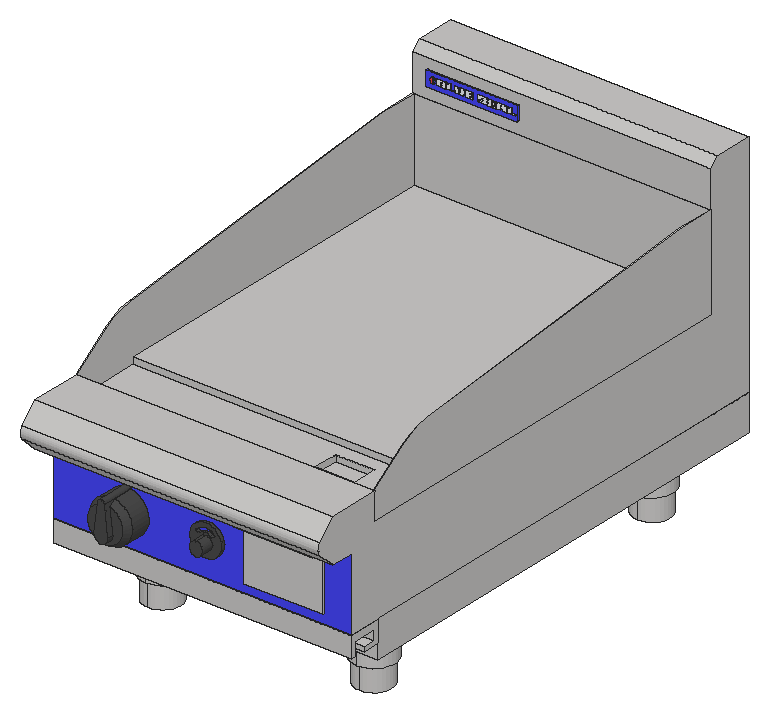
Revit family "QF_MOFFAT_BLUESEAL_CE_GP513-B", category Specialty Equipment, Revit 2012
Parameters
  Width = 450 mm
  Weight in Pounds = 169  # constant formula
  URL Cutsheet = "www.moffat.com"
  URL = "www.moffat.com"
  Type Mark [instance] = ""
  Status [instance] = ""
  Specification by User [instance] = ""
  Specification by Manufacturer = ""
  Show Logo [instance] = yes
  Serial Number = ""
  Seismic Rating = ""
  SMACNA No = ""
  Revision Code [instance] = ""
  Omniclass Number and Title = ""
  NAFEM Spec ID Number = ""
  Model = "GP513-B"
  Mechanical Remarks = ""
  Mechanical Connection Type = ""
  Masterspec = ""
  Manufacturer = "MOFFAT BLUESEAL"
  Keynote = ""
  Item Number [instance] = ""
  Installed By [instance] = ""
  Identify Quantity as Lot [instance] = yes
  Gas Size = 3/4"
  Gas RI Height [instance] = 0 mm
  Gas KW = 11.5
  Gas Input = 39250.0 Btu/h
  Gas Connection Height = 0 mm
  Furnished By [instance] = ""
  Foodservice Equipment Identifier [instance] = yes
  Description = "450MM GAS GRIDDLE PLATE BENCH MOUNT"
  Depth = 812 mm
  CSI MasterFormat = ""
  CSI Master Format = ""
  Base Height [instance] = 85 mm  # constant formula
Reference planes
  plane 1 "BACK": y = 0
  plane 2: z = 0
  plane 3 "LEFT": x = 0
  plane 4 "RIGHT": x = 450
  plane 5 "FRONT": y = -812
  plane 6 "TOP": z = 370
  plane 7 "Center Y": x = 225
  plane 8 "Center X": y = -406
  plane 9 "Base Height": z = 85
  plane 10: z = 110
  plane 11: y = -31
  plane 12: z = 485
  plane 13: y = -100
  plane 14: y = -625
Forms (mm)
  Extrusion 1, solid, material "QF_Finishes_Stainless Steel"
    sketch origin (0, 0, 0) x (0, 1, 0) y (0, 0, 1)
      loop
        line (-749, 250) -> (-749, 140) -> (0, 140) -> (0, 485) -> (-57.5, 485) -> (-70, 472.5) -> (-70, 275) -> (-705, 275) -> (-705, 315) -> (-783.97, 315) -> (-808.485, 290.485)
        arc (-808.485, 290.485) -> (-811.999, 282) -> (-808.485, 273.515) r 12
        line (-808.485, 273.515) -> (-784.97, 250) -> (-749, 250)
      loop
        line (0, 85) -> (0, 139.206) -> (-699, 139.206) -> (-699, 85) -> (0, 85)
      loop
        line (-749, 139.206) -> (-749, 107.019) -> (-742.6, 107.019) -> (-742.6, 127.806) -> (-706.181, 127.806) -> (-706.181, 113.419) -> (-724.781, 113.419) -> (-724.781, 107.019) -> (-699.806, 107.019) -> (-699.806, 139.206) -> (-749, 139.206)
    from 0 to 450
  Revolve 2, solid, material "QF_Finishes_Stainless Steel"
    sketch origin (65.5, -728, 0) x (0, 1, 0) y (0, 0, 1)
      loop
        line (71.25, 85) -> (71.25, 35) -> (75.5, 35) -> (75.5, 0) -> (103, 0) -> (103, 85) -> (71.25, 85)
      axis (103, 85) -> (103, 0)
    angle from 0 to 360
  Revolve 3, solid, material "QF_Finishes_Stainless Steel"
    sketch origin (65.5, -211, 0) x (0, 1, 0) y (0, 0, 1)
      loop
        line (79.25, 85) -> (79.25, 35) -> (83.5, 35) -> (83.5, 0) -> (111, 0) -> (111, 85) -> (79.25, 85)
      axis (111, 85) -> (111, 0)
    angle from 0 to 360
  Revolve 4, solid, material "QF_Finishes_Black"
    sketch origin (119.018, 0, 22.808) x (0, -1, 0) y (0, 0, -1)
      loop
        line (789, -204.605) -> (800, -198.757) -> (800, -172.105) -> (749, -172.105) -> (749, -177.105) -> (759, -177.105) -> (759, -204.605) -> (789, -204.605)
      axis (800, -172.105) -> (749, -172.105)
    angle from 0 to 360
  Extrusion 5, solid, material "QF_Finishes_Black"
    sketch origin (184.951, 0, -79.102) x (-1, 0, 0) y (0, 0, -1)
      loop
        line (55.512, -263.597) -> (60.932, -306.515)
        arc (60.932, -306.515) -> (65.931, -311.402) -> (70.93, -306.515) r 5
        line (70.93, -306.515) -> (76.418, -262.43)
        arc (76.418, -262.43) -> (65.347, -251.931) -> (55.512, -263.597) r 10.487
    from 759 to 808
  Extrusion 6, solid, material "QF_Finishes_Stainless Steel"
    sketch origin (0, 0, 85) x (-1, 0, 0) y (0, 1, 0)
      loop
        circle (-320, -32) r 9.525
    from 0 to 15
  Revolve 7, solid, material "QF_Finishes_Stainless Steel"
    sketch origin (384.5, -728, 0) x (0, 1, 0) y (0, 0, -1)
      loop
        line (71.25, -85) -> (103, -85) -> (103, 0) -> (75.5, 0) -> (75.5, -35) -> (71.25, -35) -> (71.25, -85)
      axis (103, -85) -> (103, 0)
    angle from 0 to 360
  Revolve 8, solid, material "QF_Finishes_Stainless Steel"
    sketch origin (384.5, -211, 0) x (0, 1, 0) y (0, 0, -1)
      loop
        line (79.25, -85) -> (111, -85) -> (111, 0) -> (83.5, 0) -> (83.5, -35) -> (79.25, -35) -> (79.25, -85)
      axis (111, -85) -> (111, 0)
    angle from 0 to 360
  Extrusion 9, solid, material "QF_Finishes_Black"
    sketch origin (-1.25, -749, 264.021) x (0, 0, -1) y (1, 0, 0)
      loop
        circle (70, 235) r 24
      loop
        arc (60.1, 249.913) -> (52.064, 235.125) -> (59.882, 220.219) r 17.868
        arc (59.882, 220.219) -> (60.362, 219.934) -> (60.877, 220.149) r 0.621
        arc (60.877, 220.149) -> (62.314, 222.708) -> (62.658, 225.622) r 7.495
        arc (62.658, 225.622) -> (62.454, 226.55) -> (62.006, 227.388) r 3.472
        arc (62.006, 227.388) -> (59.714, 234.851) -> (61.844, 242.362) r 13.786
        arc (61.844, 242.362) -> (62.484, 243.632) -> (62.749, 245.028) r 5.101
        arc (62.749, 245.028) -> (62.378, 247.547) -> (61.084, 249.739) r 6.611
        arc (61.084, 249.739) -> (60.622, 249.997) -> (60.1, 249.913) r 0.806
    from 0 to 5
  Extrusion 10, solid, material "QF_Finishes_Black"
    sketch origin (-1.25, -754, 264.021) x (0, 0, -1) y (1, 0, 0)
      loop
        circle (73.5, 235) r 10
    from 0 to 18.251
  Extrusion 11, solid, material "QF_Finishes_Stainless Steel"
    sketch origin (450, -749, 267.771) x (0, 0, -1) y (1, 0, 0)
      loop
        line (26.5, -161) -> (113.5, -161) -> (113.5, -42) -> (26.5, -42) -> (26.5, -161)
    from 0 to 2.5
  Extrusion 12, solid, material "QF_Finishes_Stainless Steel"
    sketch origin (450, 0, -598.229) x (0, -1, 0) y (0, 0, 1)
      loop
        line (751.5, 839.5) -> (751.5, 837) -> (769.695, 837) -> (769.695, 839.5) -> (751.5, 839.5)
    from 42 to 161
Cuts and joins
  joined: Revolve 4, Extrusion 5
Lines and regions (mm)
  Split face 1
    outline origin (0, -56.5, 485) x (0, 1, 0) y (-1, 0, 0)
      loop
        arc (38.115, -32.794) -> (33.115, -24.134) -> (23.115, -24.134) r 10
        line (23.115, -24.134) -> (16.115, -28.176)
        arc (16.115, -28.176) -> (12.455, -31.836) -> (11.115, -36.836) r 10
        line (11.115, -36.836) -> (11.115, -414.794)
        arc (11.115, -414.794) -> (16.115, -423.455) -> (26.115, -423.455) r 10
        line (26.115, -423.455) -> (33.115, -419.413)
        arc (33.115, -419.413) -> (36.775, -415.753) -> (38.115, -410.753) r 10
        line (38.115, -410.753) -> (38.115, -32.794)
  symbolic lines
    curve 1: line (0, 0, 0) -> (0, -812, 0)
    curve 2: line (450, 0, 0) -> (0, 0, 0)
    curve 3: line (450, -812, 0) -> (450, 0, 0)
    curve 4: line (0, -70, 0) -> (450, -70, 0)
    curve 5: line (0, -812, 0) -> (450, -812, 0)
    curve 6: line (450, -705, 0) -> (0, -705, 0)
    curve 7: line (0, -783.97, 0) -> (450, -783.97, 0)
    curve 8: line (0, -57.5, 0) -> (450, -57.5, 0)
    curve 9: line (2, -705, 0) -> (2, -70, 0)
    curve 10: line (448, -70, 0) -> (448, -705, 0)
    curve 11: line (410.753, -18.385, 0) -> (32.794, -18.385, 0)
    curve 12: arc (32.794, -18.385, 0) -> (24.134, -23.385, 0) -> (24.134, -33.385, 0) r 10
    curve 13: line (24.134, -33.385, 0) -> (28.176, -40.385, 0)
    curve 14: arc (28.176, -40.385, 0) -> (31.836, -44.045, 0) -> (36.836, -45.385, 0) r 10
    curve 15: line (36.836, -45.385, 0) -> (414.794, -45.385, 0)
    curve 16: arc (414.794, -45.385, 0) -> (423.455, -40.385, 0) -> (423.455, -30.385, 0) r 10
    curve 17: line (423.455, -30.385, 0) -> (419.413, -23.385, 0)
    curve 18: arc (419.413, -23.385, 0) -> (415.753, -19.725, 0) -> (410.753, -18.385, 0) r 10
Dimensions and locks
  equal spacing: plane 3 "LEFT", plane 7 "Center Y", plane 4 "RIGHT"
  "Width": plane 3 "LEFT" to plane 4 "RIGHT"
  equal spacing: plane 5 "FRONT", plane 8 "Center X", plane 1 "BACK"
  "Depth": plane 5 "FRONT" to plane 1 "BACK"
  equal spacing: plane 4 "RIGHT", plane 7 "Center Y", plane 3 "LEFT"
  plane 4 "RIGHT" to plane 3 "LEFT" = 450 mm
  plane 5 "FRONT" to plane 1 "BACK" = 812 mm
  "Base Height": plane 9 "Base Height" to level
  Revolve 4 sketch curve to Revolve 4 sketch curve to Revolve 4 sketch curve to Revolve 4 sketch curve = 5.849 mm locked, 21.651 mm locked, 5 mm locked
  plane 10 to level = 110 mm
  plane 11 to plane 1 "BACK" = 31 mm
  locked: plane 12 to plane 9 "Base Height" at 400
  plane 14 to plane 13 = 525 mm
  Extrusion 6 sketch curve to plane 4 "RIGHT" = 130 mm
  aligned and locked: level to plane 2
  aligned and locked: curve 3 to plane 4 "RIGHT"
  aligned and locked: Revolve 4 sketch curve to Extrusion 1
  aligned and locked: Extrusion 1 sketch curve to plane 12
Automatic sketch dimensions
  Extrusion 1 sketch curve to plane 9 "Base Height" = 0 mm
  Extrusion 1 sketch curve to plane 1 "BACK" = 0 mm  (x2)
  Extrusion 1 sketch curve to plane 11 = 26.5 mm
  Extrusion 1 sketch curve to Extrusion 1 sketch curve = 12.5 mm
  plane 10 to Extrusion 1 sketch curve = 29.206 mm
  Extrusion 1 sketch curve to plane 14 = 74 mm
  Extrusion 1 sketch curve to plane 10 = 2.981 mm  (x2)
  Extrusion 1 sketch curve to Extrusion 1 sketch curve = 0.806 mm
  Extrusion 1 sketch curve to plane 14 = 80 mm
  Extrusion 1 sketch curve to Extrusion 1 sketch curve = 6.376 mm
  Extrusion 1 sketch curve to Extrusion 1 sketch curve = 18.6 mm
  Extrusion 1 sketch curve to Extrusion 1 sketch curve = 17.819 mm
  Extrusion 1 sketch curve to Extrusion 1 sketch curve = 6.4 mm
  Extrusion 1 sketch curve to Extrusion 1 sketch curve = 0 mm  (x2)
  Extrusion 1 sketch curve to plane 5 "FRONT" = 28.03 mm
  Extrusion 1 sketch curve to plane 5 "FRONT" = 27.03 mm
  Extrusion 1 sketch curve to plane 5 "FRONT" = 12.001 mm
  Extrusion 1 sketch curve to plane 5 "FRONT" = 3.515 mm  (x2)
  plane 10 to Extrusion 1 sketch curve = 3.419 mm
  plane 10 to Extrusion 1 sketch curve = 17.806 mm
  Extrusion 1 sketch curve to Extrusion 1 sketch curve = 0.794 mm
  Extrusion 1 sketch curve to Extrusion 1 sketch curve = 110 mm
  Extrusion 1 sketch curve to Extrusion 1 sketch curve = 23.515 mm
  Extrusion 1 sketch curve to plane 6 "TOP" = 95 mm
  Extrusion 1 sketch curve to Extrusion 1 sketch curve = 8.485 mm
  Extrusion 1 sketch curve to Extrusion 1 sketch curve = 24.515 mm
  Extrusion 1 sketch curve to plane 12 = 12.5 mm
  Revolve 2 sketch curve to plane 9 "Base Height" = 0 mm
  Revolve 2 sketch curve to level = 0 mm
  Revolve 2 sketch curve to plane 14 = 0 mm  (x2)
  Revolve 2 sketch curve to Revolve 2 sketch curve = 27.5 mm
  Revolve 2 sketch curve to Revolve 2 sketch curve = 31.75 mm
  Revolve 2 sketch curve to Revolve 2 sketch curve = 55 mm
  level to Revolve 2 sketch curve = 35 mm
  Revolve 2 sketch curve to Revolve 2 sketch curve = 30 mm
  Revolve 3 sketch curve to plane 9 "Base Height" = 0 mm
  Revolve 3 sketch curve to level = 0 mm
  Revolve 3 sketch curve to plane 13 = 0 mm  (x2)
  Revolve 3 sketch curve to Revolve 3 sketch curve = 27.5 mm
  Revolve 3 sketch curve to Revolve 3 sketch curve = 31.75 mm
  Revolve 3 sketch curve to Revolve 3 sketch curve = 55 mm
  level to Revolve 3 sketch curve = 35 mm
  Revolve 3 sketch curve to Revolve 3 sketch curve = 30 mm
  Revolve 4 sketch curve to Revolve 4 sketch curve = 10 mm
  Revolve 4 sketch curve to Revolve 4 sketch curve = 21.3 mm
  Revolve 4 sketch curve to plane 5 "FRONT" = 23 mm
  Revolve 4 sketch curve to plane 5 "FRONT" = 12 mm
  Revolve 4 sketch curve to Revolve 4 sketch curve = 0 mm  (x2)
  plane 10 to Revolve 4 sketch curve = 117.413 mm
  Extrusion 5 sketch curve to plane 7 "Center Y" = 95.56 mm
  Extrusion 5 sketch curve to plane 7 "Center Y" = 100.981 mm
  Extrusion 5 sketch curve to Extrusion 5 sketch curve = 4.999 mm  (x2)
  plane 10 to Extrusion 5 sketch curve = 117.413 mm
  Extrusion 5 sketch curve to Extrusion 5 sketch curve = 0.113 mm
  Extrusion 5 sketch curve to Extrusion 5 sketch curve = 42.919 mm
  Extrusion 5 sketch curve to Extrusion 5 sketch curve = 1.167 mm
  Extrusion 1 to Extrusion 6 sketch curve = 32 mm
  Split face 1 sketch curve to Extrusion 1 = 12.115 mm
  Split face 1 sketch curve to Split face 1 sketch curve = 5 mm  (x3)
  Split face 1 sketch curve to Split face 1 sketch curve = 10 mm  (x2)
  Split face 1 sketch curve to Split face 1 sketch curve = 7 mm  (x4)
  Split face 1 sketch curve to Extrusion 1 = 26.545 mm
  Split face 1 sketch curve to Split face 1 sketch curve = 4.041 mm  (x2)
  Split face 1 sketch curve to Extrusion 1 = 36.836 mm
  Revolve 7 sketch curve to plane 9 "Base Height" = 0 mm
  Revolve 7 sketch curve to level = 0 mm
  Revolve 7 sketch curve to plane 14 = 0 mm  (x2)
  Revolve 7 sketch curve to Revolve 7 sketch curve = 27.5 mm
  Revolve 7 sketch curve to Revolve 7 sketch curve = 31.75 mm
  Revolve 7 sketch curve to Revolve 7 sketch curve = 30 mm
  Revolve 7 sketch curve to Revolve 7 sketch curve = 20 mm
  Revolve 7 sketch curve to level = 55 mm
  Revolve 8 sketch curve to plane 9 "Base Height" = 0 mm
  Revolve 8 sketch curve to level = 0 mm
  Revolve 8 sketch curve to plane 13 = 0 mm  (x2)
  Revolve 8 sketch curve to Revolve 8 sketch curve = 27.5 mm
  Revolve 8 sketch curve to Revolve 8 sketch curve = 31.75 mm
  Revolve 8 sketch curve to Revolve 8 sketch curve = 30 mm
  Revolve 8 sketch curve to Revolve 8 sketch curve = 20 mm
  Revolve 8 sketch curve to level = 55 mm
  Extrusion 5 sketch curve to Extrusion 5 sketch curve = 10.419 mm
  Extrusion 5 sketch curve to Extrusion 5 sketch curve = 10.487 mm
  plane 1 "BACK" to curve 1 = 0 mm
  curve 1 to plane 3 "LEFT" = 0 mm
  plane 5 "FRONT" to curve 1 = 0 mm
  plane 3 "LEFT" to curve 9 = 2 mm
  curve 13 to plane 11 = 2.385 mm
  plane 3 "LEFT" to curve 13 = 24.134 mm
  curve 13 to curve 14 = 4.041 mm
  plane 11 to curve 12 = 2.615 mm
  curve 12 to curve 12 = 8.66 mm
  curve 14 to plane 11 = 4.385 mm
  curve 12 to curve 14 = 4.041 mm
  plane 4 "RIGHT" to curve 11 = 39.247 mm
  curve 18 to curve 16 = 4.041 mm
  plane 11 to curve 18 = 7.615 mm
  curve 18 to curve 18 = 8.66 mm
  plane 11 to curve 17 = 0.615 mm
  curve 17 to curve 17 = 4.041 mm
  plane 4 "RIGHT" to curve 10 = 2 mm
  curve 7 to plane 5 "FRONT" = 28.03 mm
  curve 7 to curve 6 = 78.97 mm
  plane 13 to curve 9 = 30 mm
  curve 4 to curve 8 = 12.5 mm
  curve 16 to plane 11 = 14.385 mm
  plane 7 "Center Y" to Extrusion 9 sketch curve = 8.75 mm  (x2)
  Extrusion 9 sketch curve to plane 7 "Center Y" = 1.223 mm
  Extrusion 9 sketch curve to plane 12 = 276.166 mm
  plane 7 "Center Y" to Extrusion 9 sketch curve = 19.093 mm
  Extrusion 9 sketch curve to Extrusion 9 sketch curve = 0.958 mm
  Extrusion 9 sketch curve to Extrusion 9 sketch curve = 1.509 mm
  Extrusion 9 sketch curve to Extrusion 9 sketch curve = 4.01 mm
  Extrusion 9 sketch curve to Extrusion 9 sketch curve = 0.685 mm
  Extrusion 9 sketch curve to Extrusion 9 sketch curve = 2.447 mm
  Extrusion 9 sketch curve to Extrusion 9 sketch curve = 0.524 mm
  Extrusion 9 sketch curve to Extrusion 9 sketch curve = 0.381 mm
  Extrusion 9 sketch curve to Extrusion 9 sketch curve = 0.472 mm
  Extrusion 9 sketch curve to Extrusion 9 sketch curve = 0 mm  (x4)
  Extrusion 9 sketch curve to Extrusion 9 sketch curve = 0.602 mm
  Extrusion 9 sketch curve to Extrusion 9 sketch curve = 4.19 mm
  Extrusion 9 sketch curve to Extrusion 9 sketch curve = 2.809 mm
  Extrusion 9 sketch curve to Extrusion 9 sketch curve = 0.652 mm
  Extrusion 9 sketch curve to Extrusion 9 sketch curve = 0.905 mm
  plane 7 "Center Y" to Extrusion 9 sketch curve = 8.743 mm
  Extrusion 9 sketch curve to Extrusion 9 sketch curve = 8.087 mm
  Extrusion 9 sketch curve to Extrusion 9 sketch curve = 0.069 mm
  Extrusion 9 sketch curve to Extrusion 9 sketch curve = 3.5 mm
  plane 4 "RIGHT" to Extrusion 11 sketch curve = 42 mm
  Extrusion 11 sketch curve to plane 12 = 243.729 mm
  Extrusion 11 sketch curve to Extrusion 11 sketch curve = 87 mm
  plane 7 "Center Y" to Extrusion 11 sketch curve = 64 mm
  Extrusion 12 sketch curve to plane 5 "FRONT" = 60.5 mm
  Extrusion 12 sketch curve to Extrusion 12 sketch curve = 18.195 mm
  Extrusion 12 sketch curve to plane 12 = 246.229 mm
  Extrusion 12 sketch curve to Extrusion 12 sketch curve = 2.5 mm
  radius of Extrusion 6 sketch curve = 9.525 mm
  radius of Extrusion 9 sketch curve = 24 mm
  radius of Extrusion 10 sketch curve to Extrusion 9 = 3.786 mm
Nested families
  nested 1: "WALDORF LOGO_FACE BASE" at (20.878, -70, 457.385) x (1, 0, 0) z (0, -1, 0), visible <- "Show Logo", type "WALDORF LOGO_FACE BASE", detail levels medium+fine
    with Show Logo yes
  nested 2: "GAS GRIDDLE PLATE 450" at (0, -70, 274.5), type "GAS GRIDDLE PLATE 450"
    with Width 450 mm, Type Mark "", Status "", Specification by User "", Show Clearance yes, Revision Code "", Number of Poles 1, Mechanical Remarks "", Mechanical Connection Type "", Item Number "", Installed By "", Identify Quantity as Lot yes, Gas RI Height 0 mm, Gas KW 0, Gas Input 0.0 Btu/h, Furnished By "", Foodservice Equipment Identifier yes, Electrical Remarks "", Electric Connection Type "", Elec Conn RI Height 0 mm, Elec Conn Connection Height 0 mm, Depth 635 mm
Connectors
  piping at (320, -32, 70)
    settings: on Extrusion 6, index 1, connector radius 0.37402", flow factor 0, pipe flow 0 GPM, pressure drop 0.00 psi, fitting loss kfactor 0, connector angle 0.00°, fixture units 0, engagement length 0 mm, flow configuration 1, flow direction 1, fitting loss method 0, system type 7, joint type 0, gender type 0, connector reference index -1, connector utility 0, adjustable connector no, is connector primary yes, fitting loss table "", connector description "GAS CONNECTION"
Definition of nested family "WALDORF LOGO_FACE BASE"
  Parameters (values of type "WALDORF LOGO_FACE BASE")
    Show Logo [instance] = yes
    Default Elevation = 1219.2 mm
  Reference planes
    plane 1 "Center (Front/Back)": y = 0
    plane 2: z = 0
    plane 3 "Center (Left/Right)": x = 0
  Forms (mm)
    Extrusion 1, solid
      sketch origin (0, 0, 0) x (1, 0, 0) y (0, 1, 0)
        loop
          line (-1219.2, 1219.2) -> (-1219.2, -1219.2) -> (1219.2, -1219.2) -> (1219.2, 1219.2) -> (-1219.2, 1219.2)
      from 0 to -304.8
    Extrusion 2, solid, material "QF_Finishes_Blue", visible <- "Show Logo"
      sketch origin (0, -33.217, 0) x (1, 0, 0) y (0, 1, 0)
        loop
          arc (138, 31.942) -> (137.626, 32.844) -> (136.724, 33.217) r 1.276
          line (136.724, 33.217) -> (1.29, 33.217)
          arc (1.29, 33.217) -> (0.378, 32.839) -> (0, 31.927) r 1.29
          line (0, 31.927) -> (0, 11.507)
          arc (0, 11.507) -> (0.378, 10.595) -> (1.29, 10.217) r 1.29
          line (1.29, 10.217) -> (136.71, 10.217)
          arc (136.71, 10.217) -> (137.622, 10.595) -> (138, 11.507) r 1.29
          line (138, 11.507) -> (138, 31.942)
      from 0 to 1.588
    Extrusion 3, solid, material "QF_Finishes_White", visible <- "Show Logo"
      sketch origin (0, -33.217, 1.588) x (1, 0, 0) y (0, 1, 0)
        loop
          arc (108.946, 25.919) -> (107.613, 25.367) -> (107.061, 24.034) r 1.885
          line (107.061, 24.034) -> (107.061, 17.211) -> (112.704, 17.211) -> (112.704, 19.129) -> (115.546, 19.129) -> (115.546, 17.211) -> (121.584, 17.211) -> (121.584, 24.075)
          arc (121.584, 24.075) -> (121.043, 25.379) -> (119.739, 25.919) r 1.845
          line (119.739, 25.919) -> (108.946, 25.919)
        loop
          line (123.478, 25.919) -> (123.478, 17.163) -> (134.904, 17.163) -> (134.904, 19.129) -> (129.246, 19.129) -> (129.246, 25.919) -> (123.478, 25.919)
        loop
          line (112.704, 21.258) -> (115.546, 21.258) -> (115.546, 22.702)
          arc (115.546, 22.702) -> (115.344, 23.188) -> (114.858, 23.389) r 0.687
          line (114.858, 23.389) -> (113.363, 23.389)
          arc (113.363, 23.389) -> (112.897, 23.196) -> (112.704, 22.73) r 0.658
          line (112.704, 22.73) -> (112.704, 21.258)
        loop
          line (105.071, 25.919) -> (93.771, 25.919) -> (93.771, 17.163) -> (105.071, 17.163) -> (105.071, 19.063) -> (99.535, 19.063) -> (99.535, 20.437) -> (105.071, 20.437) -> (105.071, 22.278) -> (99.535, 22.278) -> (99.535, 23.587) -> (105.071, 23.587) -> (105.071, 25.919)
        loop
          line (91.104, 25.919) -> (79.541, 25.919)
          arc (79.541, 25.919) -> (78.558, 25.513) -> (78.152, 24.53) r 1.389
          line (78.152, 24.53) -> (78.152, 22.08)
          arc (78.152, 22.08) -> (78.558, 21.098) -> (79.541, 20.691) r 1.389
          line (79.541, 20.691) -> (86.346, 20.691) -> (86.346, 18.864) -> (83.266, 18.864) -> (83.266, 19.664) -> (78.152, 19.664) -> (78.152, 18.553)
          arc (78.152, 18.553) -> (78.558, 17.57) -> (79.541, 17.163) r 1.389
          line (79.541, 17.163) -> (91.063, 17.163)
          arc (91.063, 17.163) -> (92.045, 17.57) -> (92.452, 18.553) r 1.389
          line (92.452, 18.553) -> (92.452, 20.691)
          arc (92.452, 20.691) -> (92.045, 21.673) -> (91.063, 22.08) r 1.389
          line (91.063, 22.08) -> (83.266, 22.08) -> (83.266, 23.984) -> (86.346, 23.984) -> (86.346, 22.743) -> (92.452, 22.743) -> (92.452, 24.571)
          arc (92.452, 24.571) -> (92.057, 25.524) -> (91.104, 25.919) r 1.348
        loop
          line (70.705, 25.919) -> (59.405, 25.919) -> (59.405, 17.163) -> (70.705, 17.163) -> (70.705, 19.063) -> (65.169, 19.063) -> (65.169, 20.437) -> (70.705, 20.437) -> (70.705, 22.278) -> (65.169, 22.278) -> (65.169, 23.587) -> (70.705, 23.587) -> (70.705, 25.919)
        loop
          line (57.598, 25.919) -> (51.7, 25.919) -> (51.7, 20.18)
          arc (51.7, 20.18) -> (50.63, 19.11) -> (49.56, 20.18) r 1.07
          line (49.56, 20.18) -> (49.56, 25.919) -> (43.663, 25.919) -> (43.663, 19.049)
          arc (43.663, 19.049) -> (44.215, 17.716) -> (45.548, 17.163) r 1.885
          line (45.548, 17.163) -> (55.71, 17.163)
          arc (55.71, 17.163) -> (57.045, 17.716) -> (57.598, 19.051) r 1.887
          line (57.598, 19.051) -> (57.598, 25.919)
        loop
          line (31.62, 25.919) -> (31.62, 17.163) -> (43.046, 17.163) -> (43.046, 19.129) -> (37.388, 19.129) -> (37.388, 25.919) -> (31.62, 25.919)
        loop
          line (15.969, 25.919) -> (15.969, 17.163) -> (28.693, 17.163)
          arc (28.693, 17.163) -> (29.812, 17.627) -> (30.276, 18.746) r 1.582
          line (30.276, 18.746) -> (30.276, 20.447) -> (29.48, 21.243) -> (30.276, 22.039) -> (30.276, 24.332)
          arc (30.276, 24.332) -> (29.811, 25.454) -> (28.688, 25.919) r 1.587
          line (28.688, 25.919) -> (15.969, 25.919)
        loop
          line (21.449, 24.159) -> (21.449, 22.436) -> (23.862, 22.436)
          arc (23.862, 22.436) -> (24.723, 23.298) -> (23.862, 24.159) r 0.861
          line (23.862, 24.159) -> (21.449, 24.159)
        loop
          line (21.449, 20.244) -> (21.449, 18.522) -> (23.862, 18.522)
          arc (23.862, 18.522) -> (24.723, 19.383) -> (23.862, 20.244) r 0.861
          line (23.862, 20.244) -> (21.449, 20.244)
      from 0 to 0.2
    Extrusion 4, solid, material "QF_Finishes_Blue", visible <- "Show Logo"
      sketch origin (-126.498, -31.09, 1.588) x (1, 0, 0) y (0, 1, 0)
        loop
          line (136.738, 23.522) -> (136.738, 15.1)
          arc (136.738, 15.1) -> (140.756, 19.311) -> (136.738, 23.522) r 4.216
      from 0 to 0.2
    Extrusion 5, solid, material "QF_Finishes_Red", visible <- "Show Logo"
      sketch origin (146.849, -31.09, 1.588) x (-1, 0, 0) y (0, -1, 0)
        loop
          arc (136.738, -23.522) -> (140.756, -19.311) -> (136.738, -15.1) r 4.216
          line (136.738, -15.1) -> (136.738, -23.522)
      from 0 to 0.2
  Lines and regions (mm)
    Split face 1
      outline origin (-90.35, -30.793, 1.588) x (1, 0, 0) y (0, 1, 0)
        loop
          circle (100.54, 19.013) r 4.536
  Dimensions and locks
    aligned and locked: plane 2 to Extrusion 1
    aligned and locked: level to Extrusion 1
Definition of nested family "GAS GRIDDLE PLATE 450"
  Parameters (values of type "GAS GRIDDLE PLATE 450")
    Width [instance] = 450 mm
    Weight in Pounds = 0
    Watts = 0 W
    Volts = 0 V
    URL Cutsheet = ""
    Type Mark [instance] = ""
    Status [instance] = ""
    Specification by User [instance] = ""
    Specification by Manufacturer = ""
    Show Clearance [instance] = yes
    Serial Number = ""
    Seismic Rating = ""
    SMACNA No = ""
    Revision Code [instance] = ""
    Phase = 1
    Omniclass Number and Title = ""
    Number of Poles [instance] = 1
    NAFEM Spec ID Number = ""
    Min Ckt Ampacity = 0 A
    Mechanical Remarks [instance] = ""
    Mechanical Connection Type [instance] = ""
    Max Overcurrent Protection = 0 A
    Masterspec = ""
    Item Number [instance] = ""
    Installed By [instance] = ""
    Identify Quantity as Lot [instance] = yes
    HP = ""
    Gas Size = 0"
    Gas RI Height [instance] = 0 mm
    Gas KW [instance] = 0
    Gas Input [instance] = 0.0 Btu/h
    Gas Connection Height = 0 mm
    Furnished By [instance] = ""
    Foodservice Equipment Identifier [instance] = yes
    FL Amps = 0 A
    Electrical Remarks [instance] = ""
    Electric Connection Type [instance] = ""
    Elec Conn RI Height [instance] = 0 mm
    Elec Conn Connection Height [instance] = 0 mm
    Depth [instance] = 635 mm
    Cycle = 0 Hz
    Conn Plug = ""
    Conn Conduit = yes
    CSI MasterFormat = ""
    CSI Master Format = ""
    Apparent Power = if(Phase = 3, Volts * FL Amps * 1.73, Volts * FL Amps)  # 0 VA
  Reference planes
    plane 1 "BACK": y = 0
    plane 2: z = 0
    plane 3 "LEFT": x = 0
    plane 4 "RIGHT": x = 450
    plane 5 "FRONT": y = -635
    plane 6 "TOP": z = 142.5
    plane 7 "Center Y": x = 225
    plane 8 "Center X": y = -317.5
    plane 9: y = -530.997
    plane 10: y = -541.497
    plane 11: y = -503.25
    plane 12: y = -557.737
  Forms (mm)
    Extrusion 1, solid, material "QF_Finishes_Stainless Steel"
      sketch origin (0, 70.003, -874.5) x (0, 1, 0) y (0, 0, 1)
        loop
          line (-70, 875) -> (-70, 1017) -> (-127.048, 1017) -> (-604.533, 971.023)
          arc (-604.533, 971.023) -> (-629.56, 965.303) -> (-652.306, 953.399) r 100
          line (-652.306, 953.399) -> (-705.003, 916.5) -> (-705.003, 875) -> (-70, 875)
      from 0 to 1.8
    Extrusion 2, solid, material "QF_Finishes_Stainless Steel"
      sketch origin (600, 70.003, -874.5) x (0, -1, 0) y (0, 0, 1)
        loop
          line (70, 875) -> (705.003, 875) -> (705.003, 916.5) -> (652.306, 953.399)
          arc (652.306, 953.399) -> (629.56, 965.303) -> (604.533, 971.023) r 100
          line (604.533, 971.023) -> (127.048, 1017) -> (70, 1017) -> (70, 875)
      from 150 to 151.2
    Extrusion 3, solid, material "QF_Finishes_Stainless Steel"
      sketch origin (150, 70.003, -874.5) x (0, 1, 0) y (0, 0, 1)
        loop
          line (-70.003, 894) -> (-602.103, 894) -> (-602.103, 884.5) -> (-683.795, 884.5) -> (-683.795, 895) -> (-705.003, 895) -> (-705.003, 875) -> (-70.003, 875) -> (-70.003, 894)
      from -148.2 to 298.8
    Extrusion 4, void
      sketch origin (150, -561.497, 10) x (0, -1, 0) y (1, 0, 0)
        loop
          line (-9.205, 174.25) -> (29.295, 174.25) -> (29.295, 234.25) -> (-9.205, 234.25) -> (-9.205, 174.25)
      from -41.4 to 40.142
    Extrusion 5, solid, material "QF_Finishes_Stainless Steel"
      sketch origin (0, 0, 0) x (1, 0, 0) y (0, 1, 0)
        loop
          line (1.8, 0) -> (1.8, -1.2) -> (448.8, -1.2) -> (448.8, 0) -> (1.8, 0)
      from 19.5 to 142.5
  Cuts and joins
    Extrusion 4 cuts Extrusion 3
    joined: Extrusion 1, Extrusion 2, Extrusion 3
  Lines and regions (mm)
    symbolic lines
      curve 1: line (450, -532.1, 0) -> (0, -532.1, 0)
      curve 2: line (0, -613.792, 0) -> (450, -613.792, 0)
      curve 3: line (0, 0, 0) -> (450, 0, 0)
      curve 4: line (450, 0, 0) -> (450, -635, 0)
      curve 5: line (0, -635, 0) -> (0, 0, 0)
      curve 6: line (0, -635, 0) -> (450, -635, 0)
      curve 7: line (324.25, -552.292, 0) -> (384.25, -552.292, 0)
      curve 8: line (324.25, -590.792, 0) -> (324.25, -552.292, 0)
      curve 9: line (384.25, -590.792, 0) -> (324.25, -590.792, 0)
      curve 10: line (384.25, -552.292, 0) -> (384.25, -590.792, 0)
  Dimensions and locks
    equal spacing: plane 3 "LEFT", plane 7 "Center Y", plane 4 "RIGHT"
    "Width": plane 3 "LEFT" to plane 4 "RIGHT"
    equal spacing: plane 5 "FRONT", plane 8 "Center X", plane 1 "BACK"
    "Depth": plane 5 "FRONT" to plane 1 "BACK"
    locked: Extrusion 2 to Extrusion 2 at 1.2
    aligned and locked: level to plane 2
    aligned and locked: Extrusion 2 to plane 4 "RIGHT"
  Automatic sketch dimensions
    Extrusion 1 sketch curve to plane 5 "FRONT" = 0 mm
    Extrusion 1 sketch curve to plane 6 "TOP" = 0 mm
    plane 12 to Extrusion 1 sketch curve = 24.566 mm
    Extrusion 1 sketch curve to plane 12 = 23.207 mm
    Extrusion 1 sketch curve to level = 3.016 mm
    plane 11 to Extrusion 1 sketch curve = 21.695 mm
    plane 1 "BACK" to Extrusion 1 sketch curve = 57.045 mm
    Extrusion 1 sketch curve to plane 1 "BACK" = 0.003 mm
    level to Extrusion 1 sketch curve = 0.5 mm
    Extrusion 1 sketch curve to Extrusion 1 sketch curve = 41.5 mm
    Extrusion 1 sketch curve to plane 6 "TOP" = 63.601 mm
    Extrusion 2 sketch curve to plane 6 "TOP" = 0 mm
    Extrusion 2 sketch curve to plane 5 "FRONT" = 0 mm
    plane 12 to Extrusion 2 sketch curve = 24.566 mm
    Extrusion 2 sketch curve to plane 12 = 23.207 mm
    Extrusion 2 sketch curve to level = 3.016 mm
    plane 11 to Extrusion 2 sketch curve = 21.695 mm
    plane 1 "BACK" to Extrusion 2 sketch curve = 57.045 mm
    Extrusion 2 sketch curve to plane 1 "BACK" = 0.003 mm
    level to Extrusion 2 sketch curve = 0.5 mm
    Extrusion 2 sketch curve to Extrusion 2 sketch curve = 41.5 mm
    Extrusion 2 sketch curve to plane 6 "TOP" = 63.601 mm
    Extrusion 3 sketch curve to plane 5 "FRONT" = 0 mm
    Extrusion 3 sketch curve to plane 1 "BACK" = 0 mm
    level to Extrusion 3 sketch curve = 10 mm
    Extrusion 3 sketch curve to plane 5 "FRONT" = 21.208 mm
    plane 9 to Extrusion 3 sketch curve = 1.103 mm
    level to Extrusion 3 sketch curve = 0.5 mm
    Extrusion 3 sketch curve to Extrusion 3 sketch curve = 10.5 mm
    Extrusion 3 sketch curve to Extrusion 3 sketch curve = 9.5 mm
    Extrusion 4 sketch curve to plane 12 = 5.445 mm
    plane 12 to Extrusion 4 sketch curve = 33.055 mm
    plane 7 "Center Y" to Extrusion 4 sketch curve = 99.25 mm
    Extrusion 4 sketch curve to Extrusion 4 sketch curve = 60 mm
    plane 1 "BACK" to Extrusion 5 sketch curve = 0 mm
    plane 3 "LEFT" to Extrusion 5 sketch curve = 1.8 mm
    plane 4 "RIGHT" to Extrusion 5 sketch curve = 1.2 mm
    Extrusion 5 sketch curve to Extrusion 5 sketch curve = 1.2 mm
    curve 6 to plane 3 "LEFT" = 0 mm
    curve 4 to plane 4 "RIGHT" = 0 mm
    plane 5 "FRONT" to curve 6 = 0 mm
    plane 1 "BACK" to curve 3 = 0 mm
    curve 8 to plane 12 = 5.445 mm
    plane 7 "Center Y" to curve 8 = 99.25 mm
    curve 7 to curve 10 = 60 mm
    curve 2 to plane 5 "FRONT" = 21.208 mm
    plane 12 to curve 9 = 33.055 mm
    curve 1 to plane 12 = 25.637 mm
